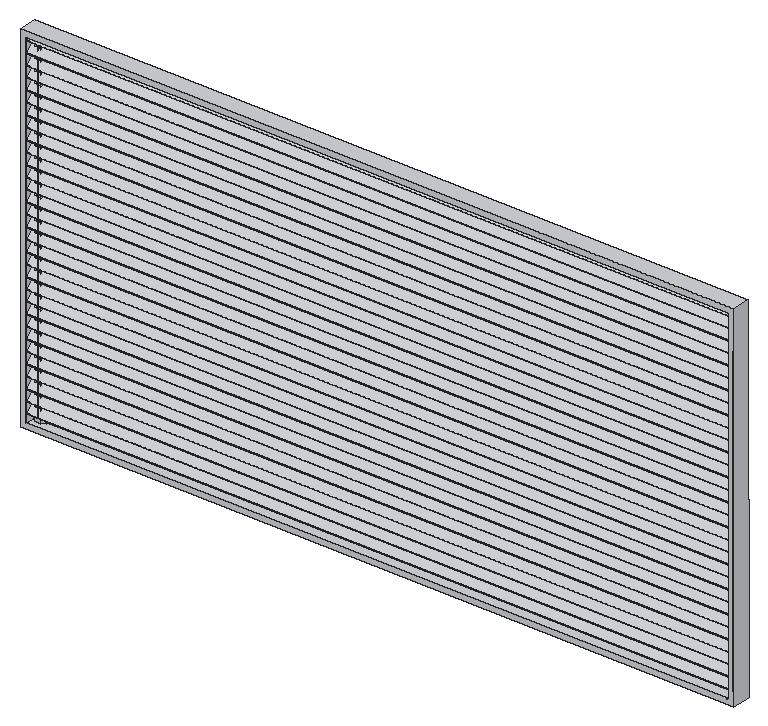
Revit family "EL-1-FR (42 Degree Blades)", category Mechanical Equipment, Revit 2015
Parameters
  URL = "http://unitedenertech.com/catalog/pdf/A_44%20EL-1-FR.pdf"
  Type Comments = "Max. Single Section Size is (120\"w x 84\"h)"
  Model = "EL-1-FR (42 Degree Blades)"
  Manufacturer = "United Enertech Corporation"
  Keynote = "Note: Blade Braces Set to Visibility Parameters, Correct Number Will Appear when Loaded into Project."
  Exact Width = 4' - 0"
  Exact Height = 2' - 0"
  Description = "PTAC Grille with Box Frame"
  Brace Visibility [instance] = if(and(Exact Width > 1' 4", Exact Width < 2' 8"), 2 > 1, 1 > 2)  # no
  Brace Number [instance] = (Exact Width / 1' 4")  # 3
  Brace Height [instance] = Exact Height - 0' 0 5/16"  # 1' - 11 11/16"
  Blade Spacing = 0' - 0 3/4"
  Blade Number [instance] = rounddown((Exact Height - 0' 0 13/32") / 0' 0 3/4")  # 31
  BW [instance] = Exact Width - 0' 0 5/16"  # 3' - 11 11/16"
  (7) Brace Visibility [instance] = if(Exact Width > 9' 4", 2 > 1, 1 > 2)  # no
  (6) Brace Visibility [instance] = if(and(Exact Width > 8' 0", Exact Width < 9' 4"), 2 > 1, 1 > 2)  # no
  (5) Brace Visibility [instance] = if(and(Exact Width > 6' 8", Exact Width < 8' 0"), 2 > 1, 1 > 2)  # no
  (4) Brace Visibility [instance] = if(and(Exact Width > 5' 4", Exact Width < 6' 8"), 2 > 1, 1 > 2)  # no
  (3) Brace Visibility [instance] = if(and(Exact Width > 4' 0", Exact Width < 5' 4"), 2 > 1, 1 > 2)  # no
  (2) Brace Visibility [instance] = if(and(Exact Width > 2' 8", Exact Width < 4' 0"), 2 > 1, 1 > 2)  # no
Reference planes (in)
  plane 1 "Center (Front/Back)": y = 0
  plane 2: z = 0
  plane 3 "Center (Left/Right)": x = 0
  plane 4: x = -24
  plane 5: x = 24
  plane 6: z = 24
  plane 7: x = -23.56125
  plane 8: y = -0.453
  plane 9: y = -0.237
  plane 10: z = 23.75
  plane 11: z = 0.1705
  plane 12: z = 23.8295
  plane 13: z = 12
  plane 14: x = 23.8295
  plane 15: x = -23.8295
Forms (in)
  Extrusion 1, solid
    sketch origin (-19.69023, 2.05132, 0) x (-1, 0, 0) y (0, -1, 0)
      loop
        line (3.34627, 2.21832) -> (3.49802, 2.05132) -> (3.90302, 2.05132) -> (4.05477, 2.21832) -> (3.93977, 2.21832) -> (3.93977, 2.1602) -> (3.88089, 2.10132) -> (3.52014, 2.10132) -> (3.46127, 2.1602) -> (3.46127, 2.21832) -> (3.34627, 2.21832)
    from 0.1705 to 23.8295
  Extrusion 2, solid
    sketch origin (19.66749, 2.48299, 0) x (1, 0, 0) y (0, 1, 0)
      loop
        line (3.28451, -2.49199) -> (3.28451, -2.71999) -> (3.46701, -2.71999) -> (3.50226, -2.93599) -> (3.94426, -2.93599) -> (3.97951, -2.71999) -> (4.16201, -2.71999) -> (4.16201, -2.49199) -> (4.09201, -2.49199) -> (4.02544, -2.57592) -> (4.09006, -2.64999) -> (3.92001, -2.64999) -> (3.88476, -2.86599) -> (3.56177, -2.86599) -> (3.52652, -2.64999) -> (3.35646, -2.64999) -> (3.41876, -2.57299) -> (3.35451, -2.49199) -> (3.28451, -2.49199)
    from 0.1705 to 23.8295
  Extrusion 3, solid
    sketch origin (19.69023, 2.05132, 0) x (1, 0, 0) y (0, 1, 0)
      loop
        line (3.34627, -2.21832) -> (3.46127, -2.21832) -> (3.46127, -2.1602) -> (3.52014, -2.10132) -> (3.88089, -2.10132) -> (3.93977, -2.1602) -> (3.93977, -2.21832) -> (4.05477, -2.21832) -> (3.90302, -2.05132) -> (3.49802, -2.05132) -> (3.34627, -2.21832)
    from 0.1705 to 23.8295
  Extrusion 4, solid
    sketch origin (-19.66749, 2.48299, 0) x (-1, 0, 0) y (0, -1, 0)
      loop
        line (3.28451, 2.49199) -> (3.35451, 2.49199) -> (3.41876, 2.57299) -> (3.35646, 2.64999) -> (3.52652, 2.64999) -> (3.56177, 2.86599) -> (3.88476, 2.86599) -> (3.92001, 2.64999) -> (4.09006, 2.64999) -> (4.02544, 2.57592) -> (4.09201, 2.49199) -> (4.16201, 2.49199) -> (4.16201, 2.71999) -> (3.97951, 2.71999) -> (3.94426, 2.93599) -> (3.50226, 2.93599) -> (3.46701, 2.71999) -> (3.28451, 2.71999) -> (3.28451, 2.49199)
    from 0.1705 to 23.8295
  Sweep 5, solid
    path origin (-79.78593, 0.05, 62.2601) x (1, 0, 0) y (0, 0, 1)
      loop
        line (55.78593, -38.2601) -> (55.78593, -62.2601) -> (103.78593, -62.2601) -> (103.78593, -38.2601) -> (55.78593, -38.2601)
    profile "FR : FR" origin (-24, 0.05, 12) x (1, 0, 0) y (0, -1, 0)
      loop
        line (0.358, 1.225) -> (0, 1.225) -> (0, 0) -> (0.67, 0) -> (0.67, 0.05) -> (0.1705, 0.05) -> (0.1705, 0.15) -> (0.1205, 0.15) -> (0.1205, 0.05) -> (0.05, 0.05) -> (0.05, 1.175) -> (0.1205, 1.175) -> (0.1205, 1.075) -> (0.1705, 1.075) -> (0.1705, 1.175) -> (0.358, 1.175) -> (0.358, 1.225)
Dimensions and locks (in)
  equal spacing: plane 4, plane 3 "Center (Left/Right)", plane 5
  "Exact Width": plane 4 to plane 5
  "Exact Height": plane 6 to level
  locked: plane 4 to plane 7 at 0.43875
  locked: plane 6 to plane 10 at 0.25
  locked: plane 11 to level at 0.1705
  locked: plane 6 to plane 12 at 0.1705
  equal spacing: plane 6, plane 13, level
  locked: plane 14 to plane 5 at 0.1705
  locked: plane 4 to plane 15 at 0.1705
  equal spacing: group 1, group 2, group 3, group 4, group 5, group 6, group 7, group 8, group 9, group 10, group 11, group 12, group 13, group 14, group 15, group 16, group 17, group 18, group 19, group 20, group 21, group 22, group 23, group 24, group 25, group 26, group 27, group 28, group 29, group 30, group 31  (x2)
  equal spacing: group 31, group 30, group 29, group 28, group 27, group 26, group 25, group 24, group 23, group 22, group 21, group 20, group 19, group 18, group 17, group 16, group 15, group 14, group 13, group 12, group 11, group 10, group 9, group 8, group 7, group 6, group 5, group 4, group 3, group 2, group 1
  "Blade Spacing": nested 30 to nested 29
  aligned and locked: level to plane 2
  aligned and locked: plane 3 "Center (Left/Right)" to nested 1
  aligned and locked: nested 1 to plane 8
  aligned and locked: Sweep 5 sketch curve to level
  aligned and locked: plane 5 to Sweep 5 sketch curve
  aligned and locked: plane 4 to Sweep 5 sketch curve
  aligned and locked: plane 6 to Sweep 5 sketch curve
  aligned and locked: Extrusion 4 to plane 11
  aligned and locked: Extrusion 1 to plane 11
  aligned and locked: Extrusion 2 to plane 11
  aligned and locked: Extrusion 3 to plane 11
  aligned and locked: plane 12 to Extrusion 4
  aligned and locked: plane 12 to Extrusion 1
  aligned and locked: plane 12 to Extrusion 2
  aligned and locked: plane 12 to Extrusion 3
  aligned and locked: nested 26 to plane 11
  aligned and locked: nested 21 to plane 11
  aligned and locked: nested 25 to plane 11
  aligned and locked: nested 15 to plane 11
  aligned and locked: plane 11 to nested 26
  aligned and locked: plane 11 to nested 21
  aligned and locked: plane 11 to nested 25
  aligned and locked: plane 11 to nested 15
  aligned and locked: nested 18 to plane 11
  aligned and locked: nested 9 to plane 11
  aligned and locked: plane 11 to Extrusion 4  (x6)
  aligned and locked: nested 24 to plane 11
  aligned and locked: nested 12 to plane 11
  aligned and locked: nested 6 to plane 11
  aligned and locked: nested 16 to plane 11
  aligned and locked: nested 7 to plane 11
  aligned and locked: nested 3 to plane 11
  aligned and locked: nested 22 to plane 11
  aligned and locked: nested 11 to plane 11
  aligned and locked: nested 4 to plane 11
  aligned and locked: nested 1 to plane 11
  aligned and locked: nested 17 to plane 11
  aligned and locked: nested 8 to plane 11
  aligned and locked: nested 2 to plane 11
  aligned and locked: nested 23 to plane 11
  aligned and locked: nested 13 to plane 11
  aligned and locked: nested 5 to plane 11
  aligned and locked: plane 11 to Extrusion 2  (x3)
  aligned and locked: nested 19 to plane 11
  aligned and locked: nested 10 to plane 11
  aligned and locked: nested 27 to plane 11
  aligned and locked: nested 14 to plane 11
  aligned and locked: nested 20 to plane 11
  aligned and locked: nested 28 to plane 11
  aligned and locked: Extrusion 4 to plane 15
  aligned and locked: plane 3 "Center (Left/Right)" to nested 29
  aligned and locked: plane 10 to nested 29
  aligned and locked: nested 29 to plane 1 "Center (Front/Back)"
Automatic sketch dimensions
  plane 1 "Center (Front/Back)" to Extrusion 1 sketch curve = 0' - 0"
  plane 9 to Extrusion 1 sketch curve = 0' - 0.07"  (x2)
  Extrusion 1 sketch curve to plane 7 = 0' - 0.52475"
  Extrusion 1 sketch curve to Extrusion 1 sketch curve = 0' - 0.115"
  Extrusion 1 sketch curve to Extrusion 1 sketch curve = 0' - 0.03675"
  Extrusion 1 sketch curve to Extrusion 1 sketch curve = 0' - 0.02213"  (x2)
  plane 1 "Center (Front/Back)" to Extrusion 1 sketch curve = 0' - 0.05"
  plane 7 to Extrusion 1 sketch curve = 0' - 0.00987"
  Extrusion 1 sketch curve to Extrusion 1 sketch curve = 0' - 0.05888"  (x2)
  Extrusion 1 sketch curve to plane 4 = 0' - 0.255"
  Extrusion 1 sketch curve to Extrusion 1 sketch curve = 0' - 0.05812"
  plane 9 to Extrusion 2 sketch curve = 0' - 0"  (x2)
  Extrusion 2 sketch curve to plane 8 = 0' - 0"
  plane 5 to Extrusion 2 sketch curve = 0' - 0.1705"
  Extrusion 2 sketch curve to plane 1 "Center (Front/Back)" = 0' - 0.009"  (x2)
  Extrusion 2 sketch curve to Extrusion 2 sketch curve = 0' - 0.07"
  plane 5 to Extrusion 2 sketch curve = 0' - 0.24245"
  Extrusion 2 sketch curve to Extrusion 2 sketch curve = 0' - 0.06462"
  Extrusion 2 sketch curve to Extrusion 2 sketch curve = 0' - 0.11055"
  plane 5 to Extrusion 2 sketch curve = 0' - 0.38825"
  Extrusion 2 sketch curve to Extrusion 2 sketch curve = 0' - 0.0595"  (x4)
  Extrusion 2 sketch curve to plane 8 = 0' - 0.07"
  Extrusion 2 sketch curve to Extrusion 2 sketch curve = 0' - 0.323"
  Extrusion 2 sketch curve to plane 9 = 0' - 0.07"  (x2)
  Extrusion 2 sketch curve to Extrusion 2 sketch curve = 0' - 0.03525"
  Extrusion 2 sketch curve to plane 1 "Center (Front/Back)" = 0' - 0.09"
  Extrusion 2 sketch curve to Extrusion 2 sketch curve = 0' - 0.10775"
  Extrusion 2 sketch curve to Extrusion 2 sketch curve = 0' - 0.0623"
  Extrusion 2 sketch curve to Extrusion 2 sketch curve = 0' - 0.06425"
  Extrusion 2 sketch curve to Extrusion 2 sketch curve = 0' - 0.07195"
  Extrusion 2 sketch curve to plane 1 "Center (Front/Back)" = 0' - 0.09293"
  plane 1 "Center (Front/Back)" to Extrusion 3 sketch curve = 0' - 0"
  Extrusion 3 sketch curve to plane 9 = 0' - 0.07"  (x2)
  plane 5 to Extrusion 3 sketch curve = 0' - 0.9635"
  Extrusion 3 sketch curve to Extrusion 3 sketch curve = 0' - 0.115"
  Extrusion 3 sketch curve to Extrusion 3 sketch curve = 0' - 0.03675"
  Extrusion 3 sketch curve to Extrusion 3 sketch curve = 0' - 0.02213"  (x2)
  Extrusion 3 sketch curve to plane 1 "Center (Front/Back)" = 0' - 0.05"
  plane 5 to Extrusion 3 sketch curve = 0' - 0.42888"
  Extrusion 3 sketch curve to Extrusion 3 sketch curve = 0' - 0.05888"  (x2)
  plane 5 to Extrusion 3 sketch curve = 0' - 0.255"
  Extrusion 3 sketch curve to Extrusion 3 sketch curve = 0' - 0.05812"
  Extrusion 4 sketch curve to plane 9 = 0' - 0"  (x2)
  Extrusion 4 sketch curve to plane 8 = 0' - 0"
  Extrusion 4 sketch curve to plane 4 = 0' - 0.1705"
  plane 1 "Center (Front/Back)" to Extrusion 4 sketch curve = 0' - 0.009"  (x2)
  Extrusion 4 sketch curve to Extrusion 4 sketch curve = 0' - 0.07"
  Extrusion 4 sketch curve to plane 4 = 0' - 0.24245"
  Extrusion 4 sketch curve to Extrusion 4 sketch curve = 0' - 0.06462"
  Extrusion 4 sketch curve to Extrusion 4 sketch curve = 0' - 0.11055"
  Extrusion 4 sketch curve to plane 4 = 0' - 0.38825"
  Extrusion 4 sketch curve to Extrusion 4 sketch curve = 0' - 0.0595"  (x4)
  plane 8 to Extrusion 4 sketch curve = 0' - 0.07"
  Extrusion 4 sketch curve to plane 7 = 0' - 0.332"
  plane 9 to Extrusion 4 sketch curve = 0' - 0.07"  (x2)
  Extrusion 4 sketch curve to plane 7 = 0' - 0.36725"
  plane 1 "Center (Front/Back)" to Extrusion 4 sketch curve = 0' - 0.09"
  Extrusion 4 sketch curve to Extrusion 4 sketch curve = 0' - 0.10775"
  Extrusion 4 sketch curve to Extrusion 4 sketch curve = 0' - 0.0623"
  Extrusion 4 sketch curve to Extrusion 4 sketch curve = 0' - 0.06425"
  Extrusion 4 sketch curve to Extrusion 4 sketch curve = 0' - 0.07195"
  plane 1 "Center (Front/Back)" to Extrusion 4 sketch curve = 0' - 0.09293"
Nested families (in)
  nested 1: "EL BRACE" at (0, -0.453, 0.1705), visible <- "Brace Visibility", type "EL BRACE"
    with Height 1' - 11 11/16"
  nested 2: "EL BRACE" at (8, -0.453, 0.1705), visible <- "(2) Brace Visibility", type "EL BRACE"
    with Height 1' - 11 11/16"
  nested 3: "EL BRACE" at (-8, -0.453, 0.1705), visible <- "(2) Brace Visibility", type "EL BRACE"
    with Height 1' - 11 11/16"
  nested 4: "EL BRACE" at (0, -0.453, 0.1705), visible <- "(3) Brace Visibility", type "EL BRACE"
    with Height 1' - 11 11/16"
  nested 5: "EL BRACE" at (16, -0.453, 0.1705), visible <- "(3) Brace Visibility", type "EL BRACE"
    with Height 1' - 11 11/16"
  nested 6: "EL BRACE" at (-16, -0.453, 0.1705), visible <- "(3) Brace Visibility", type "EL BRACE"
    with Height 1' - 11 11/16"
  nested 7: "EL BRACE" at (-8, -0.453, 0.1705), visible <- "(4) Brace Visibility", type "EL BRACE"
    with Height 1' - 11 11/16"
  nested 8: "EL BRACE" at (8, -0.453, 0.1705), visible <- "(4) Brace Visibility", type "EL BRACE"
    with Height 1' - 11 11/16"
  nested 9: "EL BRACE" at (-24, -0.453, 0.1705), visible <- "(4) Brace Visibility", type "EL BRACE"
    with Height 1' - 11 11/16"
  nested 10: "EL BRACE" at (24, -0.453, 0.1705), visible <- "(4) Brace Visibility", type "EL BRACE"
    with Height 1' - 11 11/16"
  nested 11: "EL BRACE" at (0, -0.453, 0.1705), visible <- "(5) Brace Visibility", type "EL BRACE"
    with Height 1' - 11 11/16"
  nested 12: "EL BRACE" at (-16, -0.453, 0.1705), visible <- "(5) Brace Visibility", type "EL BRACE"
    with Height 1' - 11 11/16"
  nested 13: "EL BRACE" at (16, -0.453, 0.1705), visible <- "(5) Brace Visibility", type "EL BRACE"
    with Height 1' - 11 11/16"
  nested 14: "EL BRACE" at (32, -0.453, 0.1705), visible <- "(5) Brace Visibility", type "EL BRACE"
    with Height 1' - 11 11/16"
  nested 15: "EL BRACE" at (-32, -0.453, 0.1705), visible <- "(5) Brace Visibility", type "EL BRACE"
    with Height 1' - 11 11/16"
  nested 16: "EL BRACE" at (-8, -0.453, 0.1705), visible <- "(6) Brace Visibility", type "EL BRACE"
    with Height 1' - 11 11/16"
  nested 17: "EL BRACE" at (8, -0.453, 0.1705), visible <- "(6) Brace Visibility", type "EL BRACE"
    with Height 1' - 11 11/16"
  nested 18: "EL BRACE" at (-24, -0.453, 0.1705), visible <- "(6) Brace Visibility", type "EL BRACE"
    with Height 1' - 11 11/16"
  nested 19: "EL BRACE" at (24, -0.453, 0.1705), visible <- "(6) Brace Visibility", type "EL BRACE"
    with Height 1' - 11 11/16"
  nested 20: "EL BRACE" at (40, -0.453, 0.1705), visible <- "(6) Brace Visibility", type "EL BRACE"
    with Height 1' - 11 11/16"
  nested 21: "EL BRACE" at (-40, -0.453, 0.1705), visible <- "(6) Brace Visibility", type "EL BRACE"
    with Height 1' - 11 11/16"
  nested 22: "EL BRACE" at (0, -0.453, 0.1705), visible <- "(7) Brace Visibility", type "EL BRACE"
    with Height 1' - 11 11/16"
  nested 23: "EL BRACE" at (16, -0.453, 0.1705), visible <- "(7) Brace Visibility", type "EL BRACE"
    with Height 1' - 11 11/16"
  nested 24: "EL BRACE" at (-16, -0.453, 0.1705), visible <- "(7) Brace Visibility", type "EL BRACE"
    with Height 1' - 11 11/16"
  nested 25: "EL BRACE" at (-32, -0.453, 0.1705), visible <- "(7) Brace Visibility", type "EL BRACE"
    with Height 1' - 11 11/16"
  nested 26: "EL BRACE" at (-48, -0.453, 0.1705), visible <- "(7) Brace Visibility", type "EL BRACE"
    with Height 1' - 11 11/16"
  nested 27: "EL BRACE" at (32, -0.453, 0.1705), visible <- "(7) Brace Visibility", type "EL BRACE"
    with Height 1' - 11 11/16"
  nested 28: "EL BRACE" at (48, -0.453, 0.1705), visible <- "(7) Brace Visibility", type "EL BRACE"
    with Height 1' - 11 11/16"
  nested 29: "EL 42 Deg" at (0, -1.24441, 17.45304), type "EL 42 Deg"
    with Blade 42 Width 3' - 11 11/16"
  nested 30: "EL 42 Deg" at (0, -1.24441, 16.70304), type "EL 42 Deg"
    with Blade 42 Width 3' - 11 11/16"
  nested 31: "EL 42 Deg" at (0, -1.24441, 15.95304), type "EL 42 Deg"
    with Blade 42 Width 3' - 11 11/16"
  nested 32: "EL 42 Deg" at (0, -1.24441, 15.20304), type "EL 42 Deg"
    with Blade 42 Width 3' - 11 11/16"
  nested 33: "EL 42 Deg" at (0, -1.24441, 14.45304), type "EL 42 Deg"
    with Blade 42 Width 3' - 11 11/16"
  nested 34: "EL 42 Deg" at (0, -1.24441, 13.70304), type "EL 42 Deg"
    with Blade 42 Width 3' - 11 11/16"
  nested 35: "EL 42 Deg" at (0, -1.24441, 12.95304), type "EL 42 Deg"
    with Blade 42 Width 3' - 11 11/16"
  nested 36: "EL 42 Deg" at (0, -1.24441, 12.20304), type "EL 42 Deg"
    with Blade 42 Width 3' - 11 11/16"
  nested 37: "EL 42 Deg" at (0, -1.24441, 11.45304), type "EL 42 Deg"
    with Blade 42 Width 3' - 11 11/16"
  nested 38: "EL 42 Deg" at (0, -1.24441, 10.70304), type "EL 42 Deg"
    with Blade 42 Width 3' - 11 11/16"
  nested 39: "EL 42 Deg" at (0, -1.24441, 9.95304), type "EL 42 Deg"
    with Blade 42 Width 3' - 11 11/16"
  nested 40: "EL 42 Deg" at (0, -1.24441, 9.20304), type "EL 42 Deg"
    with Blade 42 Width 3' - 11 11/16"
  nested 41: "EL 42 Deg" at (0, -1.24441, 8.45304), type "EL 42 Deg"
    with Blade 42 Width 3' - 11 11/16"
  nested 42: "EL 42 Deg" at (0, -1.24441, 7.70304), type "EL 42 Deg"
    with Blade 42 Width 3' - 11 11/16"
  nested 43: "EL 42 Deg" at (0, -1.24441, 6.95304), type "EL 42 Deg"
    with Blade 42 Width 3' - 11 11/16"
  nested 44: "EL 42 Deg" at (0, -1.24441, 6.20304), type "EL 42 Deg"
    with Blade 42 Width 3' - 11 11/16"
  nested 45: "EL 42 Deg" at (0, -1.24441, 5.45304), type "EL 42 Deg"
    with Blade 42 Width 3' - 11 11/16"
  nested 46: "EL 42 Deg" at (0, -1.24441, 4.70304), type "EL 42 Deg"
    with Blade 42 Width 3' - 11 11/16"
  nested 47: "EL 42 Deg" at (0, -1.24441, 3.95304), type "EL 42 Deg"
    with Blade 42 Width 3' - 11 11/16"
  nested 48: "EL 42 Deg" at (0, -1.24441, 3.20304), type "EL 42 Deg"
    with Blade 42 Width 3' - 11 11/16"
  nested 49: "EL 42 Deg" at (0, -1.24441, 2.45304), type "EL 42 Deg"
    with Blade 42 Width 3' - 11 11/16"
  nested 50: "EL 42 Deg" at (0, -1.24441, 1.70304), type "EL 42 Deg"
    with Blade 42 Width 3' - 11 11/16"
  nested 51: "EL 42 Deg" at (0, -1.24441, 0.95304), type "EL 42 Deg"
    with Blade 42 Width 3' - 11 11/16"
  nested 52: "EL 42 Deg" at (0, -1.24441, 0.20304), type "EL 42 Deg"
    with Blade 42 Width 3' - 11 11/16"
  nested 53: "EL 42 Deg" at (0, -1.24441, -0.54696), type "EL 42 Deg"
    with Blade 42 Width 3' - 11 11/16"
  nested 54: "EL 42 Deg" at (0, -1.24441, -1.29696), type "EL 42 Deg"
    with Blade 42 Width 3' - 11 11/16"
  nested 55: "EL 42 Deg" at (0, -1.24441, -2.04696), type "EL 42 Deg"
    with Blade 42 Width 3' - 11 11/16"
  nested 56: "EL 42 Deg" at (0, -1.24441, -2.79696), type "EL 42 Deg"
    with Blade 42 Width 3' - 11 11/16"
  nested 57: "EL 42 Deg" at (0, -1.24441, -3.54696), type "EL 42 Deg"
    with Blade 42 Width 3' - 11 11/16"
  nested 58: "EL 42 Deg" at (0, -1.24441, -4.29696), type "EL 42 Deg"
    with Blade 42 Width 3' - 11 11/16"
  nested 59: "EL 42 Deg" at (0, -1.24441, -5.04696), type "EL 42 Deg"
    with Blade 42 Width 3' - 11 11/16"
Definition of nested family "EL BRACE"
  Parameters (values of type "EL BRACE")
    Height = 1' - 5.56492"
  Reference planes (in)
    plane 1 "Center (Front/Back)": y = 0
    plane 2: z = 0
    plane 3 "Center (Left/Right)": x = 0
    plane 4: z = 17.56492
  Forms (in)
    Extrusion 1, solid
      sketch origin (6.72326, 2.93599, 0) x (-1, 0, 0) y (0, -1, 0)
        loop
          line (6.28451, 2.49199) -> (6.35451, 2.49199) -> (6.41876, 2.57299) -> (6.35646, 2.64999) -> (6.52652, 2.64999) -> (6.56177, 2.86599) -> (6.88476, 2.86599) -> (6.92001, 2.64999) -> (7.09006, 2.64999) -> (7.02544, 2.57592) -> (7.09201, 2.49199) -> (7.16201, 2.49199) -> (7.16201, 2.71999) -> (6.97951, 2.71999) -> (6.94426, 2.93599) -> (6.50226, 2.93599) -> (6.46701, 2.71999) -> (6.28451, 2.71999) -> (6.28451, 2.49199)
      from 0 to 17.56492
  Dimensions and locks (in)
    "Height": plane 4 to level
    aligned and locked: level to plane 2
    aligned and locked: plane 4 to Extrusion 1
  Automatic sketch dimensions
    plane 1 "Center (Front/Back)" to Extrusion 1 sketch curve = 0' - 0"
    Extrusion 1 sketch curve to plane 1 "Center (Front/Back)" = 0' - 0.216"
    plane 3 "Center (Left/Right)" to Extrusion 1 sketch curve = 0' - 0.43875"
    Extrusion 1 sketch curve to Extrusion 1 sketch curve = 0' - 0.07"  (x4)
    Extrusion 1 sketch curve to Extrusion 1 sketch curve = 0' - 0.07195"
    Extrusion 1 sketch curve to Extrusion 1 sketch curve = 0' - 0.0623"
    Extrusion 1 sketch curve to Extrusion 1 sketch curve = 0' - 0.11055"
    Extrusion 1 sketch curve to Extrusion 1 sketch curve = 0' - 0.03525"
    Extrusion 1 sketch curve to Extrusion 1 sketch curve = 0' - 0.0595"  (x4)
    Extrusion 1 sketch curve to plane 1 "Center (Front/Back)" = 0' - 0.07"
    Extrusion 1 sketch curve to plane 3 "Center (Left/Right)" = 0' - 0.1615"
    Extrusion 1 sketch curve to plane 3 "Center (Left/Right)" = 0' - 0.19675"
    Extrusion 1 sketch curve to Extrusion 1 sketch curve = 0' - 0.10543"
    Extrusion 1 sketch curve to Extrusion 1 sketch curve = 0' - 0.06462"
    Extrusion 1 sketch curve to Extrusion 1 sketch curve = 0' - 0.06657"
    Extrusion 1 sketch curve to plane 1 "Center (Front/Back)" = 0' - 0.286"
    Extrusion 1 sketch curve to Extrusion 1 sketch curve = 0' - 0.07407"
    Extrusion 1 sketch curve to Extrusion 1 sketch curve = 0' - 0.077"
    Extrusion 1 sketch curve to Extrusion 1 sketch curve = 0' - 0.08393"
    Extrusion 1 sketch curve to Extrusion 1 sketch curve = 0' - 0.081"
Definition of nested family "EL 42 Deg"
  Parameters (values of type "EL 42 Deg")
    Blade 42 Width = 3' - 0"
  Reference planes (in)
    plane 1 "Center (Front/Back)": y = 0
    plane 2: z = 0
    plane 3 "Center (Left/Right)": x = 0
    plane 4: x = -18
    plane 5: x = 18
  Forms (in)
    Extrusion 1, solid
      sketch origin (0.81089, -5.98838, 5.17749) x (0, 1, 0) y (0, 0, 1)
        loop
          line (6.43583, 0.52555) -> (7.0177, 1.04947) -> (7.23279, 1.04947) -> (7.23279, 1.11947) -> (6.99083, 1.11947) -> (6.38899, 0.57757) -> (6.43583, 0.52555)
      from -18.81089 to 17.18911
  Dimensions and locks (in)
    equal spacing: plane 4, plane 3 "Center (Left/Right)", plane 5
    "Blade 42 Width": plane 4 to plane 5
    aligned and locked: level to plane 2
    aligned and locked: plane 5 to Extrusion 1
    aligned and locked: plane 4 to Extrusion 1
  Automatic sketch dimensions
    Extrusion 1 sketch curve to plane 1 "Center (Front/Back)" = 0' - 0.4006"
    Extrusion 1 sketch curve to Extrusion 1 sketch curve = 0' - 0.04684"
    Extrusion 1 sketch curve to Extrusion 1 sketch curve = 0' - 0.60184"
    Extrusion 1 sketch curve to Extrusion 1 sketch curve = 0' - 0.02687"
    Extrusion 1 sketch curve to Extrusion 1 sketch curve = 0' - 0.21509"
    level to Extrusion 1 sketch curve = 0' - 5.70304"
    Extrusion 1 sketch curve to Extrusion 1 sketch curve = 0' - 0.05202"
